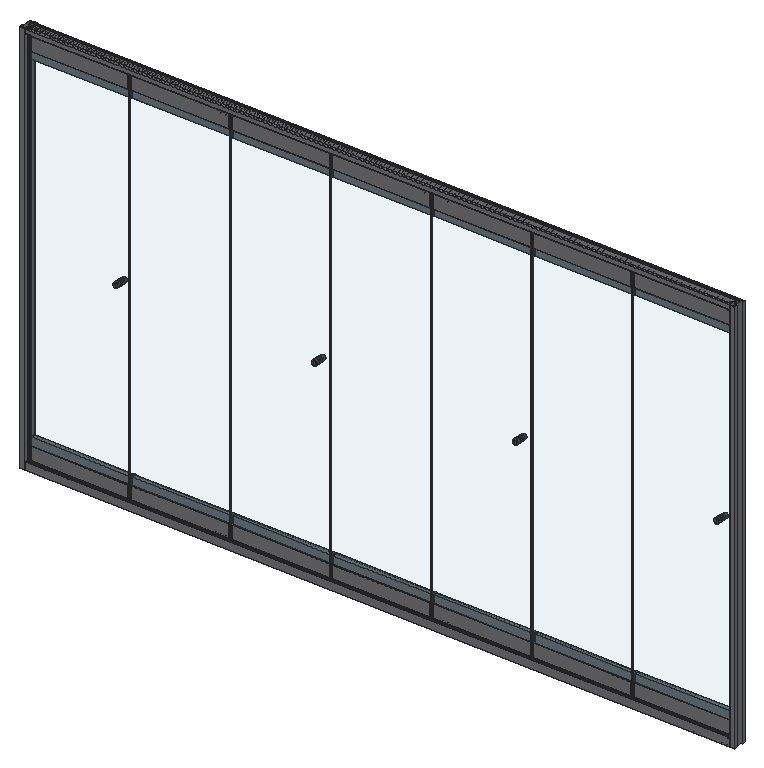
Revit family "QFL7 LH 2380", category Doors, host Wall, Revit 2024
Family settings
  Host = Wall
  OmniClass Number = 23.30.10.00
  OmniClass Title = Doors
  Always vertical = Yes
  Cut with Voids When Loaded = No
  Shared = No
  Room Calculation Point = No
Parameters
  Function = Interior
  Frame Projection Ext. = 25 mm
  Frame Projection Int. = 25 mm
  Frame Width = 75 mm
  Height = 2383 mm
  Wall Closure = By host
  Width = 4305 mm
  Define Thermal Properties by = Schematic Type
  Analytic Construction = "<None>"
Reference planes
  plane 1: y = 0
  plane 2 "Center (Left/Right)": x = 0
  plane 3 "Left": x = -2152.5
  plane 4 "Right": x = 2152.5
  plane 5: z = 2383
  plane 6 "Exterior": y = 75
  plane 7 "Interior": y = -75
Forms (mm)
  Extrusion 1, solid, material "ALUMINIUM CHAR (TEST)"
    sketch origin (-0.37, 0, 0) x (1, 0, 0) y (0, 1, 0)
      loop
        line (2152.87, 37.5) -> (2122.87, 37.5) -> (2122.87, 34.4) -> (2123.87, 34.4) -> (2123.87, 35.9) -> (2125.37, 35.9) -> (2125.37, 28.3) -> (2123.87, 28.3) -> (2123.87, 29.8) -> (2122.87, 29.8) -> (2122.87, 1.2) -> (2123.87, 1.2) -> (2123.87, 2.7) -> (2125.37, 2.7) -> (2125.37, -4.9) -> (2123.87, -4.9) -> (2123.87, -3.4) -> (2122.87, -3.4) -> (2122.87, -13.1) -> (2118.87, -13.1) -> (2118.87, -11)
        arc (2118.87, -11) -> (2118.724, -10.646) -> (2118.37, -10.5) r 0.5
        line (2118.37, -10.5) -> (2115.62, -10.5) -> (2115.62, -11.5) -> (2117.22, -11.5) -> (2117.22, -13.1) -> (2109.52, -13.1) -> (2109.52, -11.5) -> (2111.12, -11.5) -> (2111.12, -10.5) -> (2108.37, -10.5)
        arc (2108.37, -10.5) -> (2108.017, -10.646) -> (2107.87, -11) r 0.5
        line (2107.87, -11) -> (2107.87, -14.4)
        arc (2107.87, -14.4) -> (2108.017, -14.754) -> (2108.37, -14.9) r 0.5
        line (2108.37, -14.9) -> (2122.87, -14.9) -> (2122.87, -37.5) -> (2152.87, -37.5) -> (2152.87, -22) -> (2151.37, -22) -> (2151.37, -24.5) -> (2148.37, -24.5) -> (2148.37, 24.5) -> (2151.37, 24.5) -> (2151.37, 22) -> (2152.87, 22) -> (2152.87, 37.5)
      loop
        line (2150.87, 26.3) -> (2150.87, 35.5) -> (2127.17, 35.5) -> (2127.17, 27.7)
        arc (2127.17, 27.7) -> (2126.877, 26.993) -> (2126.17, 26.7) r 1
        line (2126.17, 26.7) -> (2124.87, 26.7) -> (2124.87, 4.3) -> (2126.17, 4.3)
        arc (2126.17, 4.3) -> (2126.877, 4.007) -> (2127.17, 3.3) r 1
        line (2127.17, 3.3) -> (2127.17, -5.5)
        arc (2127.17, -5.5) -> (2126.877, -6.207) -> (2126.17, -6.5) r 1
        line (2126.17, -6.5) -> (2124.67, -6.5) -> (2124.67, -35.5) -> (2150.87, -35.5) -> (2150.87, -26.3) -> (2147.97, -26.3)
        arc (2147.97, -26.3) -> (2146.98, -25.89) -> (2146.57, -24.9) r 1.4
        line (2146.57, -24.9) -> (2146.57, 24.9)
        arc (2146.57, 24.9) -> (2146.98, 25.89) -> (2147.97, 26.3) r 1.4
        line (2147.97, 26.3) -> (2150.87, 26.3)
      loop
        line (-2152.13, 37.5) -> (-2152.13, 22) -> (-2150.63, 22) -> (-2150.63, 24.5) -> (-2147.63, 24.5) -> (-2147.63, -24.5) -> (-2150.63, -24.5) -> (-2150.63, -22) -> (-2152.13, -22) -> (-2152.13, -37.5) -> (-2122.13, -37.5) -> (-2122.13, -14.9) -> (-2107.63, -14.9)
        arc (-2107.63, -14.9) -> (-2107.276, -14.754) -> (-2107.13, -14.4) r 0.5
        line (-2107.13, -14.4) -> (-2107.13, -11)
        arc (-2107.13, -11) -> (-2107.276, -10.646) -> (-2107.63, -10.5) r 0.5
        line (-2107.63, -10.5) -> (-2110.38, -10.5) -> (-2110.38, -11.5) -> (-2108.78, -11.5) -> (-2108.78, -13.1) -> (-2116.48, -13.1) -> (-2116.48, -11.5) -> (-2114.88, -11.5) -> (-2114.88, -10.5) -> (-2117.63, -10.5)
        arc (-2117.63, -10.5) -> (-2117.983, -10.646) -> (-2118.13, -11) r 0.5
        line (-2118.13, -11) -> (-2118.13, -13.1) -> (-2122.13, -13.1) -> (-2122.13, -3.4) -> (-2123.13, -3.4) -> (-2123.13, -4.9) -> (-2124.63, -4.9) -> (-2124.63, 2.7) -> (-2123.13, 2.7) -> (-2123.13, 1.2) -> (-2122.13, 1.2) -> (-2122.13, 29.8) -> (-2123.13, 29.8) -> (-2123.13, 28.3) -> (-2124.63, 28.3) -> (-2124.63, 35.9) -> (-2123.13, 35.9) -> (-2123.13, 34.4) -> (-2122.13, 34.4) -> (-2122.13, 37.5) -> (-2152.13, 37.5)
      loop
        line (-2150.13, 26.3) -> (-2147.23, 26.3)
        arc (-2147.23, 26.3) -> (-2146.24, 25.89) -> (-2145.83, 24.9) r 1.4
        line (-2145.83, 24.9) -> (-2145.83, -24.9)
        arc (-2145.83, -24.9) -> (-2146.24, -25.89) -> (-2147.23, -26.3) r 1.4
        line (-2147.23, -26.3) -> (-2150.13, -26.3) -> (-2150.13, -35.5) -> (-2123.93, -35.5) -> (-2123.93, -6.5) -> (-2125.43, -6.5)
        arc (-2125.43, -6.5) -> (-2126.137, -6.207) -> (-2126.43, -5.5) r 1
        line (-2126.43, -5.5) -> (-2126.43, 3.3)
        arc (-2126.43, 3.3) -> (-2126.137, 4.007) -> (-2125.43, 4.3) r 1
        line (-2125.43, 4.3) -> (-2124.13, 4.3) -> (-2124.13, 26.7) -> (-2125.43, 26.7)
        arc (-2125.43, 26.7) -> (-2126.137, 26.993) -> (-2126.43, 27.7) r 1
        line (-2126.43, 27.7) -> (-2126.43, 35.5) -> (-2150.13, 35.5) -> (-2150.13, 26.3)
    from 0 to 2383
  Extrusion 2, solid, material "ALUMINIUM CHAR (TEST)"
    sketch origin (-942.37, 0, 0) x (0, -1, 0) y (0, 0, 1)
      loop
        line (-36.55, 18) -> (-36.55, 20.5) -> (-37.5, 20.5) -> (-37.5, 0) -> (-35.5, 0) -> (-35.5, 2) -> (-13.5, 2) -> (-13.5, 0) -> (-11.5, 0) -> (-11.5, 2) -> (10.5, 2) -> (10.5, 0) -> (12.5, 0) -> (12.5, 2) -> (35.5, 2) -> (35.5, 0) -> (37.5, 0) -> (37.5, 44.5)
        arc (37.5, 44.5) -> (37.354, 44.854) -> (37, 45) r 0.5
        line (37, 45) -> (32.199, 45) -> (31.492, 44.5) -> (26.524, 44.5) -> (25.817, 45) -> (22.199, 45) -> (21.492, 44.5) -> (16.524, 44.5) -> (15.817, 44.999) -> (11.001, 44.999)
        arc (11.001, 44.999) -> (10.648, 44.853) -> (10.502, 44.501) r 0.499
        line (10.502, 44.501) -> (10.502, 41.75) -> (11.5, 41.75) -> (11.5, 43.35) -> (13.1, 43.35) -> (13.1, 35.65) -> (11.5, 35.65) -> (11.5, 37.25) -> (10.5, 37.25) -> (10.5, 11.9)
        arc (10.5, 11.9) -> (10.061, 10.839) -> (9, 10.4) r 1.5
        line (9, 10.4) -> (3, 10.4)
        arc (3, 10.4) -> (1.939, 10.839) -> (1.5, 11.9) r 1.5
        line (1.5, 11.9) -> (1.5, 20)
        arc (1.5, 20) -> (0.851, 21.475) -> (-0.674, 21.992) r 2
        line (-0.674, 21.992) -> (-9.95, 20.504) -> (-9.95, 18) -> (-36.55, 18)
      loop
        line (10.5, 4.2) -> (10.5, 8.4) -> (3, 8.4)
        arc (3, 8.4) -> (0.525, 9.425) -> (-0.5, 11.9) r 3.5
        line (-0.5, 11.9) -> (-0.5, 20.057) -> (-7.95, 18.629) -> (-7.95, 16) -> (-35.5, 16) -> (-35.5, 4.2) -> (10.5, 4.2)
      loop
        line (12.5, 4.2) -> (35.5, 4.2) -> (35.5, 43) -> (15.1, 43) -> (15.1, 34) -> (12.5, 34) -> (12.5, 4.2)
      loop
        arc (-37.5, 2354) -> (-37.207, 2353.293) -> (-36.5, 2353) r 1
        line (-36.5, 2353) -> (-34.25, 2353) -> (-34.25, 2354) -> (-35.85, 2354) -> (-35.85, 2355.6) -> (-28.15, 2355.6) -> (-28.15, 2354) -> (-29.75, 2354) -> (-29.75, 2353) -> (-25.9, 2353)
        arc (-25.9, 2353) -> (-24.486, 2353.586) -> (-23.9, 2355) r 2
        line (-23.9, 2355) -> (-23.9, 2376.2)
        arc (-23.9, 2376.2) -> (-23.754, 2376.554) -> (-23.4, 2376.7) r 0.5
        line (-23.4, 2376.7) -> (-6.85, 2376.7) -> (-6.85, 2355)
        arc (-6.85, 2355) -> (-6.264, 2353.586) -> (-4.85, 2353) r 2
        line (-4.85, 2353) -> (13.1, 2353) -> (13.1, 2349) -> (11, 2349)
        arc (11, 2349) -> (10.646, 2348.854) -> (10.5, 2348.5) r 0.5
        line (10.5, 2348.5) -> (10.5, 2345.75) -> (11.5, 2345.75) -> (11.5, 2347.35) -> (13.1, 2347.35) -> (13.1, 2339.65) -> (11.5, 2339.65) -> (11.5, 2341.25) -> (10.5, 2341.25) -> (10.5, 2338.5)
        arc (10.5, 2338.5) -> (10.646, 2338.146) -> (11, 2338) r 0.5
        line (11, 2338) -> (14.4, 2338)
        arc (14.4, 2338) -> (14.754, 2338.146) -> (14.9, 2338.5) r 0.5
        line (14.9, 2338.5) -> (14.9, 2353) -> (36.5, 2353)
        arc (36.5, 2353) -> (37.207, 2353.293) -> (37.5, 2354) r 1
        line (37.5, 2354) -> (37.5, 2383) -> (22, 2383) -> (22, 2381.5) -> (24.5, 2381.5) -> (24.5, 2378.5) -> (-24.5, 2378.5) -> (-24.5, 2381.5) -> (-22, 2381.5) -> (-22, 2383) -> (-25.4, 2383)
        arc (-25.4, 2383) -> (-26.107, 2382.707) -> (-26.4, 2382) r 1
        line (-26.4, 2382) -> (-26.4, 2370.5)
        arc (-26.4, 2370.5) -> (-26.546, 2370.146) -> (-26.9, 2370) r 0.5
        line (-26.9, 2370) -> (-35, 2370)
        arc (-35, 2370) -> (-35.354, 2370.146) -> (-35.5, 2370.5) r 0.5
        line (-35.5, 2370.5) -> (-35.5, 2380.5)
        arc (-35.5, 2380.5) -> (-35.354, 2380.854) -> (-35, 2381) r 0.5
        line (-35, 2381) -> (-33.5, 2381) -> (-33.5, 2383) -> (-36.5, 2383)
        arc (-36.5, 2383) -> (-37.207, 2382.707) -> (-37.5, 2382) r 1
        line (-37.5, 2382) -> (-37.5, 2354)
      loop
        line (35.5, 2355) -> (35.5, 2381) -> (26.3, 2381) -> (26.3, 2378.1)
        arc (26.3, 2378.1) -> (25.89, 2377.11) -> (24.9, 2376.7) r 1.4
        line (24.9, 2376.7) -> (-4.85, 2376.7) -> (-4.85, 2355.5)
        arc (-4.85, 2355.5) -> (-4.704, 2355.146) -> (-4.35, 2355) r 0.5
        line (-4.35, 2355) -> (35.5, 2355)
      loop
        line (-26.4, 2357.2) -> (-26.4, 2367.5)
        arc (-26.4, 2367.5) -> (-26.546, 2367.854) -> (-26.9, 2368) r 0.5
        line (-26.9, 2368) -> (-35, 2368)
        arc (-35, 2368) -> (-35.354, 2367.854) -> (-35.5, 2367.5) r 0.5
        line (-35.5, 2367.5) -> (-35.5, 2357.2) -> (-26.4, 2357.2)
    from -3064.87 to 1179.13
  Extrusion 3, solid, material "ALUMINIUM CHAR (TEST)"
    sketch origin (2112.5, 0, 0) x (0, -1, 0) y (0, 0, 1)
      loop
        line (10.504, 2344) -> (8.704, 2344) -> (8.704, 2342) -> (5.604, 2342) -> (5.604, 2340.4) -> (8.754, 2340.4) -> (8.754, 2328.033) -> (8.2, 2326.985) -> (8.2, 2324) -> (-31.196, 2324) -> (-31.196, 2326.92) -> (-31.705, 2327.883) -> (-31.705, 2340.4) -> (-28.596, 2340.4) -> (-28.596, 2342) -> (-31.696, 2342) -> (-31.696, 2344) -> (-33.496, 2344) -> (-33.496, 2219) -> (-23.496, 2209) -> (2.504, 2209) -> (2.504, 2254) -> (10.504, 2254) -> (10.504, 2344)
      loop
        line (8.714, 2256) -> (8.714, 2322.2) -> (-31.705, 2322.2) -> (-31.705, 2220.038) -> (-22.467, 2210.8) -> (0.504, 2210.8) -> (0.504, 2256) -> (8.714, 2256)
      loop
        line (10.504, 31) -> (10.504, 121) -> (2.504, 121) -> (2.504, 166) -> (-23.496, 166) -> (-33.496, 156) -> (-33.496, 31) -> (-31.696, 31) -> (-31.696, 33) -> (-28.596, 33) -> (-28.596, 34.6) -> (-31.705, 34.6) -> (-31.705, 47.117) -> (-31.196, 48.08) -> (-31.196, 51) -> (8.2, 51) -> (8.2, 48.015) -> (8.754, 46.967) -> (8.754, 34.6) -> (5.604, 34.6) -> (5.604, 33) -> (8.704, 33) -> (8.704, 31) -> (10.504, 31)
      loop
        line (8.714, 119) -> (0.504, 119) -> (0.504, 164.2) -> (-22.467, 164.2) -> (-31.705, 154.962) -> (-31.705, 52.8) -> (8.714, 52.8) -> (8.714, 119)
    from -1 to 589
  Extrusion 4, solid, material "ALUMINIUM CHAR (TEST)"
    sketch origin (2113.5, 0, 0) x (0, -1, 0) y (0, 0, -1)
      loop
        line (-33.496, -156) -> (-23.496, -166) -> (2.504, -166) -> (2.504, -121) -> (10.504, -121) -> (10.504, -31) -> (5.604, -31) -> (5.604, -51) -> (-28.596, -51) -> (-28.596, -31) -> (-33.496, -31) -> (-33.496, -156)
      loop
        line (-33.496, -2344) -> (-28.596, -2344) -> (-28.596, -2324) -> (5.604, -2324) -> (5.604, -2344) -> (10.504, -2344) -> (10.504, -2254) -> (2.504, -2254) -> (2.504, -2209) -> (-23.496, -2209) -> (-33.496, -2219) -> (-33.496, -2344)
    from 0 to 5
  Extrusion 5, solid, material "ALUMINIUM CHAR (TEST)"
    sketch origin (1523.5, 0, 0) x (0, -1, 0) y (0, 0, 1)
      loop
        line (-33.496, 156) -> (-33.496, 31) -> (-28.596, 31) -> (-28.596, 51) -> (5.604, 51) -> (5.604, 31) -> (10.504, 31) -> (10.504, 121) -> (2.504, 121) -> (2.504, 166) -> (-23.496, 166) -> (-33.496, 156)
      loop
        line (-33.496, 2344) -> (-33.496, 2219) -> (-23.496, 2209) -> (2.504, 2209) -> (2.504, 2254) -> (10.504, 2254) -> (10.504, 2344) -> (5.604, 2344) -> (5.604, 2324) -> (-28.596, 2324) -> (-28.596, 2344) -> (-33.496, 2344)
    from 0 to 5
  Extrusion 6, solid, material "ALUMINIUM CHAR (TEST)"
    sketch origin (1506.5, 0, 0) x (0, -1, 0) y (0, 0, 1)
      loop
        line (10.504, 2344) -> (8.704, 2344) -> (8.704, 2342) -> (5.604, 2342) -> (5.604, 2340.4) -> (8.754, 2340.4) -> (8.754, 2328.033) -> (8.2, 2326.985) -> (8.2, 2324) -> (-31.196, 2324) -> (-31.196, 2326.92) -> (-31.705, 2327.883) -> (-31.705, 2340.4) -> (-28.596, 2340.4) -> (-28.596, 2342) -> (-31.696, 2342) -> (-31.696, 2344) -> (-33.496, 2344) -> (-33.496, 2219) -> (-23.496, 2209) -> (2.504, 2209) -> (2.504, 2254) -> (10.504, 2254) -> (10.504, 2344)
      loop
        line (8.714, 2256) -> (8.714, 2322.2) -> (-31.705, 2322.2) -> (-31.705, 2220.038) -> (-22.467, 2210.8) -> (0.504, 2210.8) -> (0.504, 2256) -> (8.714, 2256)
      loop
        line (10.504, 31) -> (10.504, 121) -> (2.504, 121) -> (2.504, 166) -> (-23.496, 166) -> (-33.496, 156) -> (-33.496, 31) -> (-31.696, 31) -> (-31.696, 33) -> (-28.596, 33) -> (-28.596, 34.6) -> (-31.705, 34.6) -> (-31.705, 47.117) -> (-31.196, 48.08) -> (-31.196, 51) -> (8.2, 51) -> (8.2, 48.015) -> (8.754, 46.967) -> (8.754, 34.6) -> (5.604, 34.6) -> (5.604, 33) -> (8.704, 33) -> (8.704, 31) -> (10.504, 31)
      loop
        line (8.714, 119) -> (0.504, 119) -> (0.504, 164.2) -> (-22.467, 164.2) -> (-31.705, 154.962) -> (-31.705, 52.8) -> (8.714, 52.8) -> (8.714, 119)
    from -1 to 589
  Extrusion 7, solid, material "ALUMINIUM CHAR (TEST)"
    sketch origin (1507.5, 0, 0) x (0, -1, 0) y (0, 0, -1)
      loop
        line (-33.496, -156) -> (-23.496, -166) -> (2.504, -166) -> (2.504, -121) -> (10.504, -121) -> (10.504, -31) -> (5.604, -31) -> (5.604, -51) -> (-28.596, -51) -> (-28.596, -31) -> (-33.496, -31) -> (-33.496, -156)
      loop
        line (-33.496, -2344) -> (-28.596, -2344) -> (-28.596, -2324) -> (5.604, -2324) -> (5.604, -2344) -> (10.504, -2344) -> (10.504, -2254) -> (2.504, -2254) -> (2.504, -2209) -> (-23.496, -2209) -> (-33.496, -2219) -> (-33.496, -2344)
    from 0 to 5
  Extrusion 8, solid, material "ALUMINIUM CHAR (TEST)"
    sketch origin (917.5, 0, 0) x (0, -1, 0) y (0, 0, 1)
      loop
        line (-33.496, 156) -> (-33.496, 31) -> (-28.596, 31) -> (-28.596, 51) -> (5.604, 51) -> (5.604, 31) -> (10.504, 31) -> (10.504, 121) -> (2.504, 121) -> (2.504, 166) -> (-23.496, 166) -> (-33.496, 156)
      loop
        line (-33.496, 2344) -> (-33.496, 2219) -> (-23.496, 2209) -> (2.504, 2209) -> (2.504, 2254) -> (10.504, 2254) -> (10.504, 2344) -> (5.604, 2344) -> (5.604, 2324) -> (-28.596, 2324) -> (-28.596, 2344) -> (-33.496, 2344)
    from 0 to 5
  Extrusion 9, solid, material "ALUMINIUM CHAR (TEST)"
    sketch origin (900.5, 0, 0) x (0, -1, 0) y (0, 0, 1)
      loop
        line (10.504, 2344) -> (8.704, 2344) -> (8.704, 2342) -> (5.604, 2342) -> (5.604, 2340.4) -> (8.754, 2340.4) -> (8.754, 2328.033) -> (8.2, 2326.985) -> (8.2, 2324) -> (-31.196, 2324) -> (-31.196, 2326.92) -> (-31.705, 2327.883) -> (-31.705, 2340.4) -> (-28.596, 2340.4) -> (-28.596, 2342) -> (-31.696, 2342) -> (-31.696, 2344) -> (-33.496, 2344) -> (-33.496, 2219) -> (-23.496, 2209) -> (2.504, 2209) -> (2.504, 2254) -> (10.504, 2254) -> (10.504, 2344)
      loop
        line (8.714, 2256) -> (8.714, 2322.2) -> (-31.705, 2322.2) -> (-31.705, 2220.038) -> (-22.467, 2210.8) -> (0.504, 2210.8) -> (0.504, 2256) -> (8.714, 2256)
      loop
        line (10.504, 31) -> (10.504, 121) -> (2.504, 121) -> (2.504, 166) -> (-23.496, 166) -> (-33.496, 156) -> (-33.496, 31) -> (-31.696, 31) -> (-31.696, 33) -> (-28.596, 33) -> (-28.596, 34.6) -> (-31.705, 34.6) -> (-31.705, 47.117) -> (-31.196, 48.08) -> (-31.196, 51) -> (8.2, 51) -> (8.2, 48.015) -> (8.754, 46.967) -> (8.754, 34.6) -> (5.604, 34.6) -> (5.604, 33) -> (8.704, 33) -> (8.704, 31) -> (10.504, 31)
      loop
        line (8.714, 119) -> (0.504, 119) -> (0.504, 164.2) -> (-22.467, 164.2) -> (-31.705, 154.962) -> (-31.705, 52.8) -> (8.714, 52.8) -> (8.714, 119)
    from -1 to 589
  Extrusion 10, solid, material "ALUMINIUM CHAR (TEST)"
    sketch origin (901.5, 0, 0) x (0, -1, 0) y (0, 0, -1)
      loop
        line (-33.496, -156) -> (-23.496, -166) -> (2.504, -166) -> (2.504, -121) -> (10.504, -121) -> (10.504, -31) -> (5.604, -31) -> (5.604, -51) -> (-28.596, -51) -> (-28.596, -31) -> (-33.496, -31) -> (-33.496, -156)
      loop
        line (-33.496, -2344) -> (-28.596, -2344) -> (-28.596, -2324) -> (5.604, -2324) -> (5.604, -2344) -> (10.504, -2344) -> (10.504, -2254) -> (2.504, -2254) -> (2.504, -2209) -> (-23.496, -2209) -> (-33.496, -2219) -> (-33.496, -2344)
    from 0 to 5
  Extrusion 11, solid, material "ALUMINIUM CHAR (TEST)"
    sketch origin (311.5, 0, 0) x (0, -1, 0) y (0, 0, 1)
      loop
        line (-33.496, 156) -> (-33.496, 31) -> (-28.596, 31) -> (-28.596, 51) -> (5.604, 51) -> (5.604, 31) -> (10.504, 31) -> (10.504, 121) -> (2.504, 121) -> (2.504, 166) -> (-23.496, 166) -> (-33.496, 156)
      loop
        line (-33.496, 2344) -> (-33.496, 2219) -> (-23.496, 2209) -> (2.504, 2209) -> (2.504, 2254) -> (10.504, 2254) -> (10.504, 2344) -> (5.604, 2344) -> (5.604, 2324) -> (-28.596, 2324) -> (-28.596, 2344) -> (-33.496, 2344)
    from 0 to 5
  Extrusion 12, solid, material "ALUMINIUM CHAR (TEST)"
    sketch origin (294.5, 0, 0) x (0, -1, 0) y (0, 0, 1)
      loop
        line (10.504, 2344) -> (8.704, 2344) -> (8.704, 2342) -> (5.604, 2342) -> (5.604, 2340.4) -> (8.754, 2340.4) -> (8.754, 2328.033) -> (8.2, 2326.985) -> (8.2, 2324) -> (-31.196, 2324) -> (-31.196, 2326.92) -> (-31.705, 2327.883) -> (-31.705, 2340.4) -> (-28.596, 2340.4) -> (-28.596, 2342) -> (-31.696, 2342) -> (-31.696, 2344) -> (-33.496, 2344) -> (-33.496, 2219) -> (-23.496, 2209) -> (2.504, 2209) -> (2.504, 2254) -> (10.504, 2254) -> (10.504, 2344)
      loop
        line (8.714, 2256) -> (8.714, 2322.2) -> (-31.705, 2322.2) -> (-31.705, 2220.038) -> (-22.467, 2210.8) -> (0.504, 2210.8) -> (0.504, 2256) -> (8.714, 2256)
      loop
        line (10.504, 31) -> (10.504, 121) -> (2.504, 121) -> (2.504, 166) -> (-23.496, 166) -> (-33.496, 156) -> (-33.496, 31) -> (-31.696, 31) -> (-31.696, 33) -> (-28.596, 33) -> (-28.596, 34.6) -> (-31.705, 34.6) -> (-31.705, 47.117) -> (-31.196, 48.08) -> (-31.196, 51) -> (8.2, 51) -> (8.2, 48.015) -> (8.754, 46.967) -> (8.754, 34.6) -> (5.604, 34.6) -> (5.604, 33) -> (8.704, 33) -> (8.704, 31) -> (10.504, 31)
      loop
        line (8.714, 119) -> (0.504, 119) -> (0.504, 164.2) -> (-22.467, 164.2) -> (-31.705, 154.962) -> (-31.705, 52.8) -> (8.714, 52.8) -> (8.714, 119)
    from -1 to 589
  Extrusion 13, solid, material "ALUMINIUM CHAR (TEST)"
    sketch origin (295.5, 0, 0) x (0, -1, 0) y (0, 0, -1)
      loop
        line (-33.496, -156) -> (-23.496, -166) -> (2.504, -166) -> (2.504, -121) -> (10.504, -121) -> (10.504, -31) -> (5.604, -31) -> (5.604, -51) -> (-28.596, -51) -> (-28.596, -31) -> (-33.496, -31) -> (-33.496, -156)
      loop
        line (-33.496, -2344) -> (-28.596, -2344) -> (-28.596, -2324) -> (5.604, -2324) -> (5.604, -2344) -> (10.504, -2344) -> (10.504, -2254) -> (2.504, -2254) -> (2.504, -2209) -> (-23.496, -2209) -> (-33.496, -2219) -> (-33.496, -2344)
    from 0 to 5
  Extrusion 14, solid, material "ALUMINIUM CHAR (TEST)"
    sketch origin (-294.5, 0, 0) x (0, -1, 0) y (0, 0, 1)
      loop
        line (-33.496, 156) -> (-33.496, 31) -> (-28.596, 31) -> (-28.596, 51) -> (5.604, 51) -> (5.604, 31) -> (10.504, 31) -> (10.504, 121) -> (2.504, 121) -> (2.504, 166) -> (-23.496, 166) -> (-33.496, 156)
      loop
        line (-33.496, 2344) -> (-33.496, 2219) -> (-23.496, 2209) -> (2.504, 2209) -> (2.504, 2254) -> (10.504, 2254) -> (10.504, 2344) -> (5.604, 2344) -> (5.604, 2324) -> (-28.596, 2324) -> (-28.596, 2344) -> (-33.496, 2344)
    from 0 to 5
  Extrusion 15, solid, material "ALUMINIUM CHAR (TEST)"
    sketch origin (-311.5, 0, 0) x (0, -1, 0) y (0, 0, 1)
      loop
        line (10.504, 2344) -> (8.704, 2344) -> (8.704, 2342) -> (5.604, 2342) -> (5.604, 2340.4) -> (8.754, 2340.4) -> (8.754, 2328.033) -> (8.2, 2326.985) -> (8.2, 2324) -> (-31.196, 2324) -> (-31.196, 2326.92) -> (-31.705, 2327.883) -> (-31.705, 2340.4) -> (-28.596, 2340.4) -> (-28.596, 2342) -> (-31.696, 2342) -> (-31.696, 2344) -> (-33.496, 2344) -> (-33.496, 2219) -> (-23.496, 2209) -> (2.504, 2209) -> (2.504, 2254) -> (10.504, 2254) -> (10.504, 2344)
      loop
        line (8.714, 2256) -> (8.714, 2322.2) -> (-31.705, 2322.2) -> (-31.705, 2220.038) -> (-22.467, 2210.8) -> (0.504, 2210.8) -> (0.504, 2256) -> (8.714, 2256)
      loop
        line (10.504, 31) -> (10.504, 121) -> (2.504, 121) -> (2.504, 166) -> (-23.496, 166) -> (-33.496, 156) -> (-33.496, 31) -> (-31.696, 31) -> (-31.696, 33) -> (-28.596, 33) -> (-28.596, 34.6) -> (-31.705, 34.6) -> (-31.705, 47.117) -> (-31.196, 48.08) -> (-31.196, 51) -> (8.2, 51) -> (8.2, 48.015) -> (8.754, 46.967) -> (8.754, 34.6) -> (5.604, 34.6) -> (5.604, 33) -> (8.704, 33) -> (8.704, 31) -> (10.504, 31)
      loop
        line (8.714, 119) -> (0.504, 119) -> (0.504, 164.2) -> (-22.467, 164.2) -> (-31.705, 154.962) -> (-31.705, 52.8) -> (8.714, 52.8) -> (8.714, 119)
    from -1 to 589
  Extrusion 16, solid, material "ALUMINIUM CHAR (TEST)"
    sketch origin (-310.5, 0, 0) x (0, -1, 0) y (0, 0, -1)
      loop
        line (-33.496, -156) -> (-23.496, -166) -> (2.504, -166) -> (2.504, -121) -> (10.504, -121) -> (10.504, -31) -> (5.604, -31) -> (5.604, -51) -> (-28.596, -51) -> (-28.596, -31) -> (-33.496, -31) -> (-33.496, -156)
      loop
        line (-33.496, -2344) -> (-28.596, -2344) -> (-28.596, -2324) -> (5.604, -2324) -> (5.604, -2344) -> (10.504, -2344) -> (10.504, -2254) -> (2.504, -2254) -> (2.504, -2209) -> (-23.496, -2209) -> (-33.496, -2219) -> (-33.496, -2344)
    from 0 to 5
  Extrusion 17, solid, material "ALUMINIUM CHAR (TEST)"
    sketch origin (-900.5, 0, 0) x (0, -1, 0) y (0, 0, 1)
      loop
        line (-33.496, 156) -> (-33.496, 31) -> (-28.596, 31) -> (-28.596, 51) -> (5.604, 51) -> (5.604, 31) -> (10.504, 31) -> (10.504, 121) -> (2.504, 121) -> (2.504, 166) -> (-23.496, 166) -> (-33.496, 156)
      loop
        line (-33.496, 2344) -> (-33.496, 2219) -> (-23.496, 2209) -> (2.504, 2209) -> (2.504, 2254) -> (10.504, 2254) -> (10.504, 2344) -> (5.604, 2344) -> (5.604, 2324) -> (-28.596, 2324) -> (-28.596, 2344) -> (-33.496, 2344)
    from 0 to 5
  Extrusion 18, solid, material "ALUMINIUM CHAR (TEST)"
    sketch origin (-917.5, 0, 0) x (0, -1, 0) y (0, 0, 1)
      loop
        line (10.504, 2344) -> (8.704, 2344) -> (8.704, 2342) -> (5.604, 2342) -> (5.604, 2340.4) -> (8.754, 2340.4) -> (8.754, 2328.033) -> (8.2, 2326.985) -> (8.2, 2324) -> (-31.196, 2324) -> (-31.196, 2326.92) -> (-31.705, 2327.883) -> (-31.705, 2340.4) -> (-28.596, 2340.4) -> (-28.596, 2342) -> (-31.696, 2342) -> (-31.696, 2344) -> (-33.496, 2344) -> (-33.496, 2219) -> (-23.496, 2209) -> (2.504, 2209) -> (2.504, 2254) -> (10.504, 2254) -> (10.504, 2344)
      loop
        line (8.714, 2256) -> (8.714, 2322.2) -> (-31.705, 2322.2) -> (-31.705, 2220.038) -> (-22.467, 2210.8) -> (0.504, 2210.8) -> (0.504, 2256) -> (8.714, 2256)
      loop
        line (10.504, 31) -> (10.504, 121) -> (2.504, 121) -> (2.504, 166) -> (-23.496, 166) -> (-33.496, 156) -> (-33.496, 31) -> (-31.696, 31) -> (-31.696, 33) -> (-28.596, 33) -> (-28.596, 34.6) -> (-31.705, 34.6) -> (-31.705, 47.117) -> (-31.196, 48.08) -> (-31.196, 51) -> (8.2, 51) -> (8.2, 48.015) -> (8.754, 46.967) -> (8.754, 34.6) -> (5.604, 34.6) -> (5.604, 33) -> (8.704, 33) -> (8.704, 31) -> (10.504, 31)
      loop
        line (8.714, 119) -> (0.504, 119) -> (0.504, 164.2) -> (-22.467, 164.2) -> (-31.705, 154.962) -> (-31.705, 52.8) -> (8.714, 52.8) -> (8.714, 119)
    from -1 to 589
  Extrusion 19, solid, material "ALUMINIUM CHAR (TEST)"
    sketch origin (-916.5, 0, 0) x (0, -1, 0) y (0, 0, -1)
      loop
        line (-33.496, -156) -> (-23.496, -166) -> (2.504, -166) -> (2.504, -121) -> (10.504, -121) -> (10.504, -31) -> (5.604, -31) -> (5.604, -51) -> (-28.596, -51) -> (-28.596, -31) -> (-33.496, -31) -> (-33.496, -156)
      loop
        line (-33.496, -2344) -> (-28.596, -2344) -> (-28.596, -2324) -> (5.604, -2324) -> (5.604, -2344) -> (10.504, -2344) -> (10.504, -2254) -> (2.504, -2254) -> (2.504, -2209) -> (-23.496, -2209) -> (-33.496, -2219) -> (-33.496, -2344)
    from 0 to 5
  Extrusion 20, solid, material "ALUMINIUM CHAR (TEST)"
    sketch origin (-1506.5, 0, 0) x (0, -1, 0) y (0, 0, 1)
      loop
        line (-33.496, 156) -> (-33.496, 31) -> (-28.596, 31) -> (-28.596, 51) -> (5.604, 51) -> (5.604, 31) -> (10.504, 31) -> (10.504, 121) -> (2.504, 121) -> (2.504, 166) -> (-23.496, 166) -> (-33.496, 156)
      loop
        line (-33.496, 2344) -> (-33.496, 2219) -> (-23.496, 2209) -> (2.504, 2209) -> (2.504, 2254) -> (10.504, 2254) -> (10.504, 2344) -> (5.604, 2344) -> (5.604, 2324) -> (-28.596, 2324) -> (-28.596, 2344) -> (-33.496, 2344)
    from 0 to 5
  Extrusion 21, solid, material "ALUMINIUM CHAR (TEST)"
    sketch origin (-1523.5, 0, 0) x (0, -1, 0) y (0, 0, 1)
      loop
        line (10.504, 2344) -> (8.704, 2344) -> (8.704, 2342) -> (5.604, 2342) -> (5.604, 2340.4) -> (8.754, 2340.4) -> (8.754, 2328.033) -> (8.2, 2326.985) -> (8.2, 2324) -> (-31.196, 2324) -> (-31.196, 2326.92) -> (-31.705, 2327.883) -> (-31.705, 2340.4) -> (-28.596, 2340.4) -> (-28.596, 2342) -> (-31.696, 2342) -> (-31.696, 2344) -> (-33.496, 2344) -> (-33.496, 2219) -> (-23.496, 2209) -> (2.504, 2209) -> (2.504, 2254) -> (10.504, 2254) -> (10.504, 2344)
      loop
        line (8.714, 2256) -> (8.714, 2322.2) -> (-31.705, 2322.2) -> (-31.705, 2220.038) -> (-22.467, 2210.8) -> (0.504, 2210.8) -> (0.504, 2256) -> (8.714, 2256)
      loop
        line (10.504, 31) -> (10.504, 121) -> (2.504, 121) -> (2.504, 166) -> (-23.496, 166) -> (-33.496, 156) -> (-33.496, 31) -> (-31.696, 31) -> (-31.696, 33) -> (-28.596, 33) -> (-28.596, 34.6) -> (-31.705, 34.6) -> (-31.705, 47.117) -> (-31.196, 48.08) -> (-31.196, 51) -> (8.2, 51) -> (8.2, 48.015) -> (8.754, 46.967) -> (8.754, 34.6) -> (5.604, 34.6) -> (5.604, 33) -> (8.704, 33) -> (8.704, 31) -> (10.504, 31)
      loop
        line (8.714, 119) -> (0.504, 119) -> (0.504, 164.2) -> (-22.467, 164.2) -> (-31.705, 154.962) -> (-31.705, 52.8) -> (8.714, 52.8) -> (8.714, 119)
    from -1 to 589
  Extrusion 22, solid, material "Glass"
    sketch origin (-2157.5, 0, 0) x (0, -1, 0) y (0, 0, 1)
      loop
        line (2.504, 121) -> (12.504, 121) -> (12.504, 2254) -> (2.504, 2254) -> (2.504, 121)
    from -640 to -40
  Extrusion 23, solid, material "ALUMINIUM CHAR (TEST)"
    sketch origin (-1522.5, 0, 0) x (0, -1, 0) y (0, 0, -1)
      loop
        line (-33.496, -156) -> (-23.496, -166) -> (2.504, -166) -> (2.504, -121) -> (10.504, -121) -> (10.504, -31) -> (5.604, -31) -> (5.604, -51) -> (-28.596, -51) -> (-28.596, -31) -> (-33.496, -31) -> (-33.496, -156)
      loop
        line (-33.496, -2344) -> (-28.596, -2344) -> (-28.596, -2324) -> (5.604, -2324) -> (5.604, -2344) -> (10.504, -2344) -> (10.504, -2254) -> (2.504, -2254) -> (2.504, -2209) -> (-23.496, -2209) -> (-33.496, -2219) -> (-33.496, -2344)
    from 0 to 5
  Extrusion 24, solid, material "ALUMINIUM CHAR (TEST)"
    sketch origin (-2112.5, 0, 0) x (0, -1, 0) y (0, 0, 1)
      loop
        line (-33.496, 156) -> (-33.496, 31) -> (-28.596, 31) -> (-28.596, 51) -> (5.604, 51) -> (5.604, 31) -> (10.504, 31) -> (10.504, 121) -> (2.504, 121) -> (2.504, 166) -> (-23.496, 166) -> (-33.496, 156)
      loop
        line (-33.496, 2344) -> (-33.496, 2219) -> (-23.496, 2209) -> (2.504, 2209) -> (2.504, 2254) -> (10.504, 2254) -> (10.504, 2344) -> (5.604, 2344) -> (5.604, 2324) -> (-28.596, 2324) -> (-28.596, 2344) -> (-33.496, 2344)
    from 0 to 5
  Revolve 25, solid, material "Metal, Powder Coated, Black"
    sketch origin (-379, 140.744, 160.823) x (0, -1, 0) y (0, 0, 1)
      loop
        line (151.249, 1029.677) -> (181.249, 1029.677) -> (181.249, 1043.677) -> (180.249, 1044.677) -> (164.249, 1044.677) -> (159.249, 1039.677) -> (154.249, 1044.677) -> (151.249, 1044.677) -> (151.249, 1029.677)
      axis (181.249, 1029.677) -> (151.249, 1029.677)
    angle from 0 to 360
  Revolve 26, solid, material "Metal, Powder Coated, Black"
    sketch origin (833, 140.744, 160.823) x (0, -1, 0) y (0, 0, 1)
      loop
        line (151.249, 1029.677) -> (181.249, 1029.677) -> (181.249, 1043.677) -> (180.249, 1044.677) -> (164.249, 1044.677) -> (159.249, 1039.677) -> (154.249, 1044.677) -> (151.249, 1044.677) -> (151.249, 1029.677)
      axis (181.249, 1029.677) -> (151.249, 1029.677)
    angle from 0 to 360
  Revolve 27, solid, material "Metal, Powder Coated, Black"
    sketch origin (2045, 140.744, 160.823) x (0, -1, 0) y (0, 0, 1)
      loop
        line (151.249, 1029.677) -> (181.249, 1029.677) -> (181.249, 1043.677) -> (180.249, 1044.677) -> (164.249, 1044.677) -> (159.249, 1039.677) -> (154.249, 1044.677) -> (151.249, 1044.677) -> (151.249, 1029.677)
      axis (181.249, 1029.677) -> (151.249, 1029.677)
    angle from 0 to 360
  Revolve 28, solid, material "Metal, Powder Coated, Black"
    sketch origin (-1574, 140.744, 160.823) x (0, -1, 0) y (0, 0, 1)
      loop
        line (151.249, 1029.677) -> (181.249, 1029.677) -> (181.249, 1043.677) -> (180.249, 1044.677) -> (164.249, 1044.677) -> (159.249, 1039.677) -> (154.249, 1044.677) -> (151.249, 1044.677) -> (151.249, 1029.677)
      axis (181.249, 1029.677) -> (151.249, 1029.677)
    angle from 0 to 360
  Revolve 29, solid, material "Metal, Powder Coated, Black"
    sketch origin (-379, -153.753, 169.823) x (0, 1, 0) y (0, 0, -1)
      loop
        line (151.249, -1021.677) -> (151.249, -1036.677) -> (154.249, -1036.677) -> (159.249, -1031.677) -> (164.249, -1036.677) -> (180.249, -1036.677) -> (181.249, -1035.677) -> (181.249, -1021.677) -> (151.249, -1021.677)
      axis (181.249, -1021.677) -> (151.249, -1021.677)
    angle from 0 to 360
  Revolve 30, solid, material "Metal, Powder Coated, Black"
    sketch origin (833, -153.753, 169.823) x (0, 1, 0) y (0, 0, -1)
      loop
        line (151.249, -1021.677) -> (151.249, -1036.677) -> (154.249, -1036.677) -> (159.249, -1031.677) -> (164.249, -1036.677) -> (180.249, -1036.677) -> (181.249, -1035.677) -> (181.249, -1021.677) -> (151.249, -1021.677)
      axis (181.249, -1021.677) -> (151.249, -1021.677)
    angle from 0 to 360
  Revolve 31, solid, material "Metal, Powder Coated, Black"
    sketch origin (2045, -153.753, 169.823) x (0, 1, 0) y (0, 0, -1)
      loop
        line (151.249, -1021.677) -> (151.249, -1036.677) -> (154.249, -1036.677) -> (159.249, -1031.677) -> (164.249, -1036.677) -> (180.249, -1036.677) -> (181.249, -1035.677) -> (181.249, -1021.677) -> (151.249, -1021.677)
      axis (181.249, -1021.677) -> (151.249, -1021.677)
    angle from 0 to 360
  Revolve 32, solid, material "Metal, Powder Coated, Black"
    sketch origin (-1574, -153.753, 169.823) x (0, 1, 0) y (0, 0, -1)
      loop
        line (151.249, -1021.677) -> (151.249, -1036.677) -> (154.249, -1036.677) -> (159.249, -1031.677) -> (164.249, -1036.677) -> (180.249, -1036.677) -> (181.249, -1035.677) -> (181.249, -1021.677) -> (151.249, -1021.677)
      axis (181.249, -1021.677) -> (151.249, -1021.677)
    angle from 0 to 360
  Extrusion 33, solid, material "Glass"
    sketch origin (-1551.5, 0, 0) x (0, -1, 0) y (0, 0, 1)
      loop
        line (2.504, 121) -> (12.504, 121) -> (12.504, 2254) -> (2.504, 2254) -> (2.504, 121)
    from -640 to -40
  Extrusion 34, solid, material "Glass"
    sketch origin (-945.5, 0, 0) x (0, -1, 0) y (0, 0, 1)
      loop
        line (2.504, 121) -> (12.504, 121) -> (12.504, 2254) -> (2.504, 2254) -> (2.504, 121)
    from -640 to -40
  Extrusion 35, solid, material "Glass"
    sketch origin (-339.5, 0, 0) x (0, -1, 0) y (0, 0, 1)
      loop
        line (2.504, 121) -> (12.504, 121) -> (12.504, 2254) -> (2.504, 2254) -> (2.504, 121)
    from -640 to -40
  Extrusion 36, solid, material "Glass"
    sketch origin (266.5, 0, 0) x (0, -1, 0) y (0, 0, 1)
      loop
        line (2.504, 121) -> (12.504, 121) -> (12.504, 2254) -> (2.504, 2254) -> (2.504, 121)
    from -640 to -40
  Extrusion 37, solid, material "Glass"
    sketch origin (872.5, 0, 0) x (0, -1, 0) y (0, 0, 1)
      loop
        line (2.504, 121) -> (12.504, 121) -> (12.504, 2254) -> (2.504, 2254) -> (2.504, 121)
    from -640 to -40
  Extrusion 38, solid, material "Glass"
    sketch origin (1478.5, 0, 0) x (0, -1, 0) y (0, 0, 1)
      loop
        line (2.504, 121) -> (12.504, 121) -> (12.504, 2254) -> (2.504, 2254) -> (2.504, 121)
    from -640 to -40
Lines and regions (mm)
  Opening 1
    outline origin (-3050, -75, 0) x (1, 0, 0) y (0, 0, 1)
      loop
        line (897.5, 0) -> (5202.5, 0) -> (5202.5, 2383) -> (897.5, 2383) -> (897.5, 0)
  model lines
    curve 1: line (-1673.028, 75, 1191.5) -> (-1848.028, 75, 1191.5)
    curve 2: line (-1987.106, 75, 1191.5) -> (-1848.028, 75, 1247.691)
    curve 3: line (-1848.028, 75, 1247.691) -> (-1848.028, 75, 1135.309)
    curve 4: line (-1987.106, 75, 1191.5) -> (-1848.028, 75, 1135.309)
    curve 5: line (-1067.028, 75, 1191.5) -> (-1242.028, 75, 1191.5)
    curve 6: line (-1381.106, 75, 1191.5) -> (-1242.028, 75, 1247.691)
    curve 7: line (-1242.028, 75, 1247.691) -> (-1242.028, 75, 1135.309)
    curve 8: line (-1381.106, 75, 1191.5) -> (-1242.028, 75, 1135.309)
    curve 9: line (-461.028, 75, 1191.5) -> (-636.028, 75, 1191.5)
    curve 10: line (-775.106, 75, 1191.5) -> (-636.028, 75, 1247.691)
    curve 11: line (-636.028, 75, 1247.691) -> (-636.028, 75, 1135.309)
    curve 12: line (-775.106, 75, 1191.5) -> (-636.028, 75, 1135.309)
    curve 13: line (144.972, 75, 1191.5) -> (-30.028, 75, 1191.5)
    curve 14: line (-169.106, 75, 1191.5) -> (-30.028, 75, 1247.691)
    curve 15: line (-30.028, 75, 1247.691) -> (-30.028, 75, 1135.309)
    curve 16: line (-169.106, 75, 1191.5) -> (-30.028, 75, 1135.309)
    curve 17: line (750.972, 75, 1191.5) -> (575.972, 75, 1191.5)
    curve 18: line (436.894, 75, 1191.5) -> (575.972, 75, 1247.691)
    curve 19: line (575.972, 75, 1247.691) -> (575.972, 75, 1135.309)
    curve 20: line (436.894, 75, 1191.5) -> (575.972, 75, 1135.309)
    curve 21: line (1356.972, 75, 1191.5) -> (1181.972, 75, 1191.5)
    curve 22: line (1042.894, 75, 1191.5) -> (1181.972, 75, 1247.691)
    curve 23: line (1181.972, 75, 1247.691) -> (1181.972, 75, 1135.309)
    curve 24: line (1042.894, 75, 1191.5) -> (1181.972, 75, 1135.309)
    curve 25: line (1962.972, 75, 1191.5) -> (1787.972, 75, 1191.5)
    curve 26: line (1648.894, 75, 1191.5) -> (1787.972, 75, 1247.691)
    curve 27: line (1787.972, 75, 1247.691) -> (1787.972, 75, 1135.309)
    curve 28: line (1648.894, 75, 1191.5) -> (1787.972, 75, 1135.309)
    curve 29: line (-2127.89, 59.5, 0) -> (-1855.605, 531.111, 0)
    curve 30: line (-2089.785, 37.5, 0) -> (-1817.5, 509.111, 0)
    curve 31: line (-1817.5, 509.111, 0) -> (-1545.215, 37.5, 0)
    curve 32: line (-1779.395, 531.111, 0) -> (-1507.11, 59.5, 0)
    curve 33: line (-1817.5, 509.111, 0) -> (-1855.605, 531.111, 0)
    curve 34: line (-1817.5, 509.111, 0) -> (-1779.395, 531.111, 0)
    curve 35: line (-2089.785, 37.5, 0) -> (-2127.89, 59.5, 0)
    curve 36: line (-1545.215, 37.5, 0) -> (-1507.11, 59.5, 0)
    curve 37: line (-1196.72, 509.111, 0) -> (-1469.005, 37.5, 0)
    curve 38: line (-1234.826, 531.111, 0) -> (-1507.11, 59.5, 0)
    curve 39: line (-1196.72, 509.111, 0) -> (-1234.826, 531.111, 0)
    curve 40: line (-1469.005, 37.5, 0) -> (-1507.11, 59.5, 0)
    curve 41: line (-575.941, 509.111, 0) -> (-848.226, 37.5, 0)
    curve 42: line (-614.046, 531.111, 0) -> (-886.331, 59.5, 0)
    curve 43: line (-575.941, 509.111, 0) -> (-614.046, 531.111, 0)
    curve 44: line (-848.226, 37.5, 0) -> (-886.331, 59.5, 0)
    curve 45: line (-1196.72, 509.111, 0) -> (-924.436, 37.5, 0)
    curve 46: line (-1158.615, 531.111, 0) -> (-886.331, 59.5, 0)
    curve 47: line (-1196.72, 509.111, 0) -> (-1158.615, 531.111, 0)
    curve 48: line (-924.436, 37.5, 0) -> (-886.331, 59.5, 0)
    curve 49: line (-575.941, 509.111, 0) -> (-303.656, 37.5, 0)
    curve 50: line (-537.836, 531.111, 0) -> (-265.551, 59.5, 0)
    curve 51: line (-575.941, 509.111, 0) -> (-537.836, 531.111, 0)
    curve 52: line (-303.656, 37.5, 0) -> (-265.551, 59.5, 0)
    curve 53: line (44.839, 509.111, 0) -> (-227.446, 37.5, 0)
    curve 54: line (6.734, 531.111, 0) -> (-265.551, 59.5, 0)
    curve 55: line (44.839, 509.111, 0) -> (6.734, 531.111, 0)
    curve 56: line (-227.446, 37.5, 0) -> (-265.551, 59.5, 0)
Text (mm)
  text "Exterior" at (-2295.016, 1099.543, 0), in view "Ref. Level"
  text "Exterior" at (0, 1615.38, 3698.081), in view "Left"
  text "Exterior" at (0, 1036.032, 3874.932), in view "Right"
Dimensions and locks
  equal spacing: plane 3 "Left", plane 2 "Center (Left/Right)", plane 4 "Right"
  "Width": plane 3 "Left" to plane 4 "Right"
  "Height": plane 5 to host wall
  host wall to plane 5 = 2383 mm  (x2)
  locked: plane 6 "Exterior" to host wall
  locked: plane 7 "Interior" to host wall
  plane 3 "Left" to plane 4 "Right" = 4305 mm
  aligned and locked: plane 3 "Left" to Opening 1 sketch curve
  aligned and locked: plane 5 to Opening 1 sketch curve  (x2)
  aligned and locked: Opening 1 sketch curve to plane 4 "Right"
  aligned and locked: Opening 1 sketch curve to level
  aligned and locked: host wall to plane 1
Automatic sketch dimensions
  curve 2 to plane 3 "Left" = 165.394 mm
  curve 2 to curve 2 = 139.078 mm
  curve 1 to curve 6 = 466.922 mm
  curve 6 to curve 6 = 139.078 mm
  curve 5 to curve 10 = 466.922 mm
  curve 10 to curve 10 = 139.078 mm
  curve 14 to plane 2 "Center (Left/Right)" = 169.106 mm
  curve 14 to plane 2 "Center (Left/Right)" = 30.028 mm
  plane 2 "Center (Left/Right)" to curve 18 = 436.894 mm
  curve 18 to curve 18 = 139.078 mm
  curve 17 to curve 22 = 466.922 mm
  curve 22 to curve 22 = 139.078 mm
  curve 21 to curve 26 = 466.922 mm
  curve 26 to curve 26 = 139.078 mm
  level to curve 28 = 1135.309 mm
  level to curve 19 = 1135.309 mm
  curve 23 to curve 19 = 0 mm
  curve 16 to curve 19 = 0 mm
  level to curve 3 = 1135.309 mm
  curve 12 to curve 15 = 0 mm
  curve 8 to curve 11 = 0 mm
  curve 7 to curve 8 = 56.191 mm
  curve 27 to curve 26 = 56.191 mm
  curve 11 to curve 10 = 56.191 mm
  curve 15 to curve 14 = 56.191 mm
  curve 23 to curve 24 = 56.191 mm
  curve 3 to curve 4 = 56.191 mm
  curve 19 to curve 18 = 56.191 mm
  curve 19 to curve 19 = 112.382 mm
  curve 23 to curve 22 = 112.382 mm
  curve 15 to curve 14 = 112.382 mm
  curve 11 to curve 11 = 112.382 mm
  curve 7 to curve 7 = 112.382 mm
  curve 27 to curve 26 = 112.382 mm
  curve 3 to curve 3 = 112.382 mm
  curve 1 to curve 1 = 175 mm
  curve 5 to curve 5 = 175 mm
  curve 9 to curve 9 = 175 mm
  plane 2 "Center (Left/Right)" to curve 13 = 144.972 mm
  curve 17 to curve 17 = 175 mm
  curve 21 to curve 21 = 175 mm
  curve 25 to curve 25 = 175 mm
  curve 9 to curve 10 = 56.191 mm
  curve 25 to curve 26 = 56.191 mm
  curve 5 to curve 6 = 56.191 mm
  curve 13 to curve 14 = 56.191 mm
  curve 1 to curve 2 = 56.191 mm
  curve 17 to curve 18 = 56.191 mm
  curve 21 to curve 22 = 56.191 mm
  Extrusion 1 sketch curve to plane 3 "Left" = 0 mm  (x2)
  Extrusion 1 sketch curve to plane 4 "Right" = 0 mm  (x2)
  Extrusion 1 sketch curve to plane 3 "Left" = 1.5 mm
  Extrusion 1 sketch curve to Extrusion 1 sketch curve = 1.5 mm  (x14)
  Extrusion 1 sketch curve to Extrusion 1 sketch curve = 0.5 mm  (x9)
  Extrusion 1 sketch curve to plane 3 "Left" = 2 mm
  Extrusion 1 sketch curve to Extrusion 1 sketch curve = 3 mm
  Extrusion 1 sketch curve to Extrusion 1 sketch curve = 0.4 mm  (x7)
  Extrusion 1 sketch curve to Extrusion 1 sketch curve = 1.4 mm  (x3)
  Extrusion 1 sketch curve to Extrusion 1 sketch curve = 19.4 mm
  Extrusion 1 sketch curve to host wall = 3.3 mm
  Extrusion 1 sketch curve to Extrusion 1 sketch curve = 0 mm  (x3)
  Extrusion 1 sketch curve to Extrusion 1 sketch curve = 1 mm  (x13)
  Extrusion 1 sketch curve to Extrusion 1 sketch curve = 0.8 mm  (x3)
  Extrusion 1 sketch curve to Extrusion 1 sketch curve = 1.3 mm  (x4)
  Extrusion 1 sketch curve to Extrusion 1 sketch curve = 21.9 mm
  Extrusion 1 sketch curve to Extrusion 1 sketch curve = 1.8 mm  (x6)
  Extrusion 1 sketch curve to Extrusion 1 sketch curve = 4 mm  (x2)
  Extrusion 1 sketch curve to Extrusion 1 sketch curve = 1.15 mm  (x5)
  Extrusion 1 sketch curve to Extrusion 1 sketch curve = 1.6 mm  (x10)
  Extrusion 1 sketch curve to Extrusion 1 sketch curve = 4.5 mm  (x3)
  host wall to Extrusion 1 sketch curve = 14.4 mm
  plane 4 "Right" to Extrusion 1 sketch curve = 45 mm
  Extrusion 1 sketch curve to Extrusion 1 sketch curve = 1.65 mm
  plane 4 "Right" to Extrusion 1 sketch curve = 30 mm
  Extrusion 1 sketch curve to host wall = 1.2 mm  (x2)
  plane 4 "Right" to Extrusion 1 sketch curve = 6.3 mm
  plane 4 "Right" to Extrusion 1 sketch curve = 2 mm  (x2)
  plane 4 "Right" to Extrusion 1 sketch curve = 1.5 mm  (x2)
  host wall to Extrusion 1 sketch curve = 22 mm  (x2)
  Extrusion 1 sketch curve to Extrusion 1 sketch curve = 2.5 mm  (x4)
  Extrusion 1 sketch curve to Extrusion 1 sketch curve = 9.2 mm  (x2)
  Extrusion 1 sketch curve to Extrusion 1 sketch curve = 20.6 mm
  Extrusion 1 sketch curve to Extrusion 1 sketch curve = 2 mm  (x4)
  host wall to Extrusion 1 sketch curve = 14.9 mm
  host wall to Extrusion 1 sketch curve = 6.5 mm  (x2)
  Extrusion 1 sketch curve to Extrusion 1 sketch curve = 0.6 mm  (x4)
  Extrusion 1 sketch curve to host wall = 22 mm  (x2)
  Extrusion 1 sketch curve to Extrusion 1 sketch curve = 4.6 mm  (x2)
  Extrusion 1 sketch curve to Extrusion 1 sketch curve = 1.1 mm
  Extrusion 2 sketch curve to Extrusion 2 sketch curve = 0 mm  (x12)
  Extrusion 2 sketch curve to level = 0 mm  (x4)
  plane 5 to Extrusion 2 sketch curve = 0 mm  (x3)
  Extrusion 2 sketch curve to host wall = 37.5 mm  (x2)
  plane 5 to Extrusion 2 sketch curve = 29 mm
  Extrusion 2 sketch curve to Extrusion 2 sketch curve = 0.95 mm
  Extrusion 2 sketch curve to Extrusion 2 sketch curve = 1 mm  (x12)
  Extrusion 2 sketch curve to Extrusion 2 sketch curve = 0.65 mm
  Extrusion 2 sketch curve to Extrusion 2 sketch curve = 0.35 mm  (x2)
  Extrusion 2 sketch curve to Extrusion 2 sketch curve = 1.05 mm
  Extrusion 2 sketch curve to Extrusion 2 sketch curve = 2 mm  (x9)
  Extrusion 2 sketch curve to Extrusion 2 sketch curve = 0.5 mm  (x13)
  Extrusion 2 sketch curve to Extrusion 2 sketch curve = 1.6 mm  (x9)
  Extrusion 2 sketch curve to Extrusion 2 sketch curve = 1.5 mm  (x8)
  Extrusion 2 sketch curve to Extrusion 2 sketch curve = 4.5 mm  (x3)
  Extrusion 2 sketch curve to Extrusion 2 sketch curve = 8.1 mm  (x2)
  Extrusion 2 sketch curve to Extrusion 2 sketch curve = 0.9 mm
  Extrusion 2 sketch curve to Extrusion 2 sketch curve = 0.6 mm
  Extrusion 2 sketch curve to Extrusion 2 sketch curve = 2.5 mm  (x3)
  level to Extrusion 2 sketch curve = 2 mm  (x3)
  Extrusion 2 sketch curve to host wall = 13.5 mm
  Extrusion 2 sketch curve to host wall = 9.95 mm
  Extrusion 2 sketch curve to host wall = 6.85 mm
  Extrusion 2 sketch curve to host wall = 0.674 mm
  Extrusion 2 sketch curve to host wall = 0.5 mm
  host wall to Extrusion 2 sketch curve = 1.5 mm
  Extrusion 2 sketch curve to Extrusion 2 sketch curve = 6 mm
  host wall to Extrusion 2 sketch curve = 10.5 mm  (x2)
  Extrusion 2 sketch curve to Extrusion 2 sketch curve = 0.002 mm
  Extrusion 2 sketch curve to Extrusion 2 sketch curve = 0.499 mm
  Extrusion 2 sketch curve to Extrusion 2 sketch curve = 0.998 mm
  Extrusion 2 sketch curve to Extrusion 2 sketch curve = 1.3 mm
  Extrusion 2 sketch curve to Extrusion 2 sketch curve = 0.717 mm
  Extrusion 2 sketch curve to Extrusion 2 sketch curve = 0.707 mm  (x4)
  Extrusion 2 sketch curve to Extrusion 2 sketch curve = 4.968 mm  (x2)
  plane 5 to Extrusion 2 sketch curve = 1.5 mm
  host wall to Extrusion 2 sketch curve = 22 mm
  Extrusion 2 sketch curve to Extrusion 2 sketch curve = 0.4 mm  (x2)
  Extrusion 2 sketch curve to Extrusion 2 sketch curve = 3.617 mm
  Extrusion 2 sketch curve to Extrusion 2 sketch curve = 1.4 mm
  Extrusion 2 sketch curve to Extrusion 2 sketch curve = 23 mm
  Extrusion 2 sketch curve to Extrusion 2 sketch curve = 20.6 mm
  Extrusion 2 sketch curve to Extrusion 2 sketch curve = 3.301 mm
  Extrusion 2 sketch curve to Extrusion 2 sketch curve = 2.2 mm  (x2)
  level to Extrusion 2 sketch curve = 8.4 mm
  Extrusion 2 sketch curve to Extrusion 2 sketch curve = 4.1 mm
  Extrusion 2 sketch curve to Extrusion 2 sketch curve = 0.629 mm
  Extrusion 2 sketch curve to Extrusion 2 sketch curve = 0.057 mm
  Extrusion 2 sketch curve to Extrusion 2 sketch curve = 2.504 mm
  Extrusion 2 sketch curve to Extrusion 2 sketch curve = 14 mm
  Extrusion 2 sketch curve to Extrusion 2 sketch curve = 1.65 mm
  Extrusion 2 sketch curve to Extrusion 2 sketch curve = 9 mm
  Extrusion 2 sketch curve to Extrusion 2 sketch curve = 1.151 mm
  Extrusion 2 sketch curve to Extrusion 2 sketch curve = 43.5 mm
  Extrusion 2 sketch curve to Extrusion 2 sketch curve = 1.15 mm  (x2)
  Extrusion 2 sketch curve to Extrusion 2 sketch curve = 4 mm
  Extrusion 2 sketch curve to Extrusion 2 sketch curve = 10.3 mm
  Extrusion 2 sketch curve to Extrusion 2 sketch curve = 5.8 mm
  plane 5 to Extrusion 2 sketch curve = 2 mm
  Extrusion 3 sketch curve to host wall = 33.496 mm  (x2)
  Extrusion 3 sketch curve to Extrusion 3 sketch curve = 1.79 mm  (x4)
  Extrusion 3 sketch curve to Extrusion 3 sketch curve = 0 mm
  Extrusion 3 sketch curve to Extrusion 3 sketch curve = 0.01 mm
  Extrusion 3 sketch curve to Extrusion 3 sketch curve = 1.8 mm  (x6)
  Extrusion 3 sketch curve to Extrusion 3 sketch curve = 0.51 mm  (x2)
  Extrusion 3 sketch curve to Extrusion 3 sketch curve = 3.11 mm  (x2)
  Extrusion 3 sketch curve to Extrusion 3 sketch curve = 8.21 mm  (x2)
  Extrusion 3 sketch curve to Extrusion 3 sketch curve = 1.028 mm  (x2)
  host wall to Extrusion 3 sketch curve = 0.504 mm  (x2)
  host wall to Extrusion 3 sketch curve = 2.504 mm  (x2)
  host wall to Extrusion 3 sketch curve = 5.604 mm  (x2)
  host wall to Extrusion 3 sketch curve = 8.2 mm  (x2)
  Extrusion 3 sketch curve to Extrusion 3 sketch curve = 3.1 mm  (x2)
  Extrusion 3 sketch curve to Extrusion 3 sketch curve = 0.514 mm
  Extrusion 3 sketch curve to Extrusion 3 sketch curve = 6.21 mm
  Extrusion 3 sketch curve to Extrusion 3 sketch curve = 0.05 mm
  Extrusion 3 sketch curve to Extrusion 3 sketch curve = 0.554 mm
  level to Extrusion 3 sketch curve = 31 mm  (x2)
  Extrusion 3 sketch curve to Extrusion 3 sketch curve = 2 mm  (x6)
  Extrusion 3 sketch curve to Extrusion 3 sketch curve = 1.6 mm  (x4)
  Extrusion 3 sketch curve to Extrusion 3 sketch curve = 12.367 mm  (x2)
  Extrusion 3 sketch curve to Extrusion 3 sketch curve = 12.517 mm  (x2)
  Extrusion 3 sketch curve to Extrusion 3 sketch curve = 1.048 mm  (x2)
  Extrusion 3 sketch curve to Extrusion 3 sketch curve = 0.963 mm  (x2)
  Extrusion 3 sketch curve to Extrusion 3 sketch curve = 2.92 mm  (x2)
  Extrusion 3 sketch curve to Extrusion 3 sketch curve = 66.2 mm
  Extrusion 3 sketch curve to Extrusion 3 sketch curve = 33.962 mm
  Extrusion 3 sketch curve to Extrusion 3 sketch curve = 1.038 mm  (x2)
  Extrusion 3 sketch curve to Extrusion 3 sketch curve = 9.238 mm
  plane 5 to Extrusion 3 sketch curve = 174 mm
  Extrusion 3 sketch curve to Extrusion 3 sketch curve = 8.2 mm
  Extrusion 3 sketch curve to Extrusion 3 sketch curve = 43.2 mm
  plane 5 to Extrusion 3 sketch curve = 60.8 mm
  Extrusion 3 sketch curve to Extrusion 3 sketch curve = 2.985 mm
  Extrusion 4 sketch curve to host wall = 33.496 mm  (x2)
  Extrusion 4 sketch curve to Extrusion 4 sketch curve = 4.9 mm  (x3)
  Extrusion 4 sketch curve to Extrusion 4 sketch curve = 10 mm  (x4)
  host wall to Extrusion 4 sketch curve = 2.504 mm  (x2)
  host wall to Extrusion 4 sketch curve = 5.604 mm  (x2)
  Extrusion 4 sketch curve to Extrusion 4 sketch curve = 8 mm
  plane 5 to Extrusion 4 sketch curve = 39 mm
  Extrusion 4 sketch curve to Extrusion 4 sketch curve = 0 mm
  Extrusion 4 sketch curve to Extrusion 4 sketch curve = 20 mm  (x3)
  Extrusion 4 sketch curve to Extrusion 4 sketch curve = 70 mm
  Extrusion 4 sketch curve to Extrusion 4 sketch curve = 35 mm
  level to Extrusion 4 sketch curve = 166 mm
  Extrusion 4 sketch curve to Extrusion 4 sketch curve = 45 mm
  level to Extrusion 4 sketch curve = 51 mm
  Extrusion 5 sketch curve to host wall = 33.496 mm  (x2)
  Extrusion 5 sketch curve to Extrusion 5 sketch curve = 4.9 mm  (x3)
  Extrusion 5 sketch curve to Extrusion 5 sketch curve = 10 mm  (x4)
  host wall to Extrusion 5 sketch curve = 2.504 mm  (x2)
  host wall to Extrusion 5 sketch curve = 5.604 mm  (x2)
  Extrusion 5 sketch curve to Extrusion 5 sketch curve = 8 mm
  level to Extrusion 5 sketch curve = 31 mm  (x2)
  Extrusion 5 sketch curve to Extrusion 5 sketch curve = 20 mm  (x3)
  Extrusion 5 sketch curve to Extrusion 5 sketch curve = 70 mm
  Extrusion 5 sketch curve to Extrusion 5 sketch curve = 35 mm
  plane 5 to Extrusion 5 sketch curve = 174 mm
  Extrusion 5 sketch curve to Extrusion 5 sketch curve = 45 mm
  plane 5 to Extrusion 5 sketch curve = 59 mm
  Extrusion 6 sketch curve to host wall = 33.496 mm  (x2)
  Extrusion 6 sketch curve to Extrusion 6 sketch curve = 1.79 mm  (x4)
  Extrusion 6 sketch curve to Extrusion 6 sketch curve = 0 mm
  Extrusion 6 sketch curve to Extrusion 6 sketch curve = 0.01 mm
  Extrusion 6 sketch curve to Extrusion 6 sketch curve = 1.8 mm  (x6)
  Extrusion 6 sketch curve to Extrusion 6 sketch curve = 0.51 mm  (x2)
  Extrusion 6 sketch curve to Extrusion 6 sketch curve = 3.11 mm  (x2)
  Extrusion 6 sketch curve to Extrusion 6 sketch curve = 8.21 mm  (x2)
  Extrusion 6 sketch curve to Extrusion 6 sketch curve = 1.028 mm  (x2)
  host wall to Extrusion 6 sketch curve = 0.504 mm  (x2)
  host wall to Extrusion 6 sketch curve = 2.504 mm  (x2)
  host wall to Extrusion 6 sketch curve = 5.604 mm  (x2)
  host wall to Extrusion 6 sketch curve = 8.2 mm  (x2)
  Extrusion 6 sketch curve to Extrusion 6 sketch curve = 3.1 mm  (x2)
  Extrusion 6 sketch curve to Extrusion 6 sketch curve = 0.514 mm
  Extrusion 6 sketch curve to Extrusion 6 sketch curve = 6.21 mm
  Extrusion 6 sketch curve to Extrusion 6 sketch curve = 0.05 mm
  Extrusion 6 sketch curve to Extrusion 6 sketch curve = 0.554 mm
  level to Extrusion 6 sketch curve = 31 mm  (x2)
  Extrusion 6 sketch curve to Extrusion 6 sketch curve = 2 mm  (x6)
  Extrusion 6 sketch curve to Extrusion 6 sketch curve = 1.6 mm  (x4)
  Extrusion 6 sketch curve to Extrusion 6 sketch curve = 12.367 mm  (x2)
  Extrusion 6 sketch curve to Extrusion 6 sketch curve = 12.517 mm  (x2)
  Extrusion 6 sketch curve to Extrusion 6 sketch curve = 1.048 mm  (x2)
  Extrusion 6 sketch curve to Extrusion 6 sketch curve = 0.963 mm  (x2)
  Extrusion 6 sketch curve to Extrusion 6 sketch curve = 2.92 mm  (x2)
  Extrusion 6 sketch curve to Extrusion 6 sketch curve = 66.2 mm
  Extrusion 6 sketch curve to Extrusion 6 sketch curve = 33.962 mm
  Extrusion 6 sketch curve to Extrusion 6 sketch curve = 1.038 mm  (x2)
  Extrusion 6 sketch curve to Extrusion 6 sketch curve = 9.238 mm
  plane 5 to Extrusion 6 sketch curve = 174 mm
  Extrusion 6 sketch curve to Extrusion 6 sketch curve = 8.2 mm
  Extrusion 6 sketch curve to Extrusion 6 sketch curve = 43.2 mm
  plane 5 to Extrusion 6 sketch curve = 60.8 mm
  Extrusion 6 sketch curve to Extrusion 6 sketch curve = 2.985 mm
  Extrusion 7 sketch curve to host wall = 33.496 mm  (x2)
  Extrusion 7 sketch curve to Extrusion 7 sketch curve = 4.9 mm  (x3)
  Extrusion 7 sketch curve to Extrusion 7 sketch curve = 10 mm  (x4)
  host wall to Extrusion 7 sketch curve = 2.504 mm  (x2)
